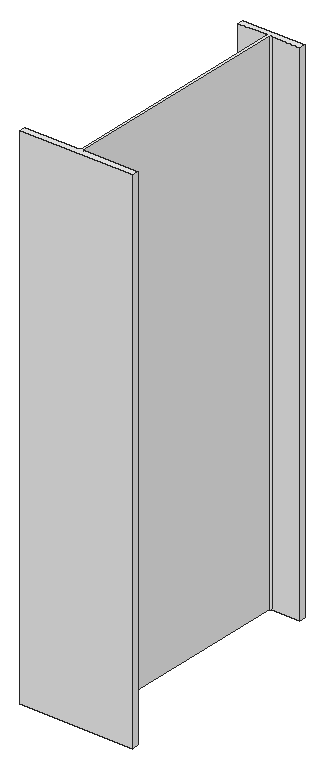
Revit family "M_WRF-Welded Reduced Flange-Column", category 구조 기둥, Revit 2026
Family settings
  단면 모양 = 정의되지 않음
  모델 동작 재료 = 스틸
  항상 형상으로 내보내기 = 아니오
  평면의 보 전환 = 경계 상자에서
  로드될 때 보이드를 사용하여 절단 = 아니오
  기호 표현 = 프로젝트 설정에서
  공유 = 아니오
  평면도에서 미리 절단된 패밀리 표시 = 예
Parameters (values of type "WRF1200x309")
  Structural Material [instance] = Metal - Steel - 345 MPa
  kr = k - (tw / 2)  # 8 mm
  bf_t = 300 mm
  Assembly Code = ""
  A = 0.0393 m²
  W = 3.03
  bf_b = 550 mm
  d = 1200 mm
  k = 14 mm
  tf = 30 mm
  tw = 12 mm
Reference planes
  plane 1: y = 0
  plane 2: z = 0
  plane 3: x = 0
  plane 4: x = -275
  plane 5: x = 275
  plane 6: y = 600
  plane 7: y = -600
  plane 8: x = -3.969
  plane 9: x = 3.969
  plane 10: x = -150
  plane 11: x = 150
Forms (mm)
  Extrusion 1, solid, material "Metal - Steel - 345 MPa" <- "Structural Material", detail levels medium
    sketch origin (0, 0, 0) x (1, 0, 0) y (0, 1, 0)
      loop
        line (-150, 600) -> (-150, 570) -> (-6, 570) -> (-6, -570) -> (-275, -570) -> (-275, -600) -> (275, -600) -> (275, -570) -> (6, -570) -> (6, 570) -> (150, 570) -> (150, 600) -> (-150, 600)
    from 0 to 2500
  Extrusion 2, solid, material "Metal - Steel - 345 MPa" <- "Structural Material", detail levels fine
    sketch origin (0, 0, 0) x (1, 0, 0) y (0, 1, 0)
      loop
        line (-150, 600) -> (-150, 570) -> (-14, 570)
        arc (-14, 570) -> (-8.343, 567.657) -> (-6, 562) r 8
        line (-6, 562) -> (-6, -562)
        arc (-6, -562) -> (-8.343, -567.657) -> (-14, -570) r 8
        line (-14, -570) -> (-275, -570) -> (-275, -600) -> (275, -600) -> (275, -570) -> (14, -570)
        arc (14, -570) -> (8.343, -567.657) -> (6, -562) r 8
        line (6, -562) -> (6, 562)
        arc (6, 562) -> (8.343, 567.657) -> (14, 570) r 8
        line (14, 570) -> (150, 570) -> (150, 600) -> (-150, 600)
    from 0 to 2500
Lines and regions (mm)
  symbolic lines, style "StructuralColumnStickSymbols", detail levels coarse
    curve 1: line (-150, 600, 0) -> (150, 600, 0)
    curve 2: line (-275, -600, 0) -> (275, -600, 0)
    curve 3: line (0, 600, 0) -> (0, -600, 0)
  symbolic lines, style "Hidden Faces", detail levels medium+fine
    curve 4: line (-3.969, 0, 0) -> (-3.969, 0, 2500)
    curve 5: line (3.969, 0, 2500) -> (3.969, 0, 0)
Dimensions and locks
  equal spacing: plane 4, plane 3, plane 5
  equal spacing: plane 7, plane 1, plane 6
  "d": plane 7 to plane 6
  "bf_b": plane 4 to plane 5
  "tf": plane 7 to Extrusion 1 sketch curve
  "tf": Extrusion 1 sketch curve to plane 6
  equal spacing: Extrusion 1 sketch curve, plane 3, Extrusion 1 sketch curve
  "tw": Extrusion 1 sketch curve to Extrusion 1 sketch curve
  "bf_t": plane 10 to plane 11
  equal spacing: plane 10, plane 3, plane 11
  "kr": radius of Extrusion 2 sketch curve  (x4)
  aligned and locked: plane 6 to Extrusion 1 sketch curve
  aligned and locked: Extrusion 1 sketch curve to plane 7
  aligned and locked: Extrusion 1 sketch curve to plane 4
  aligned and locked: plane 5 to Extrusion 1 sketch curve
  aligned and locked: Extrusion 1 sketch curve to Extrusion 1 sketch curve  (x2)
  aligned and locked: level to Extrusion 1
  aligned and locked: level to plane 2
  aligned and locked: Extrusion 1 to plane 2
  aligned and locked: plane 6 to Extrusion 2 sketch curve
  aligned and locked: Extrusion 2 sketch curve to Extrusion 1  (x6)
  aligned and locked: Extrusion 2 sketch curve to plane 7
  aligned and locked: plane 5 to Extrusion 2 sketch curve
  aligned and locked: Extrusion 2 sketch curve to plane 4
  aligned and locked: level to Extrusion 2
  aligned and locked: Extrusion 2 to level
  aligned and locked: Extrusion 2 sketch curve to plane 10
  aligned and locked: plane 11 to Extrusion 2 sketch curve
  aligned and locked: Extrusion 1 sketch curve to plane 10
  aligned and locked: plane 11 to Extrusion 1 sketch curve
  aligned and locked: plane 10 to curve 1
  aligned and locked: plane 11 to curve 1
Automatic sketch dimensions
  curve 4 to level = 0 mm  (x2)
  curve 4 to plane 8 = 0 mm
  curve 5 to level = 0 mm  (x2)
  curve 5 to plane 9 = 0 mm
  curve 2 to plane 4 = 0 mm
  curve 1 to plane 6 = 0 mm
  curve 3 to plane 3 = 0 mm
  curve 2 to plane 5 = 0 mm
  curve 2 to plane 7 = 0 mm
